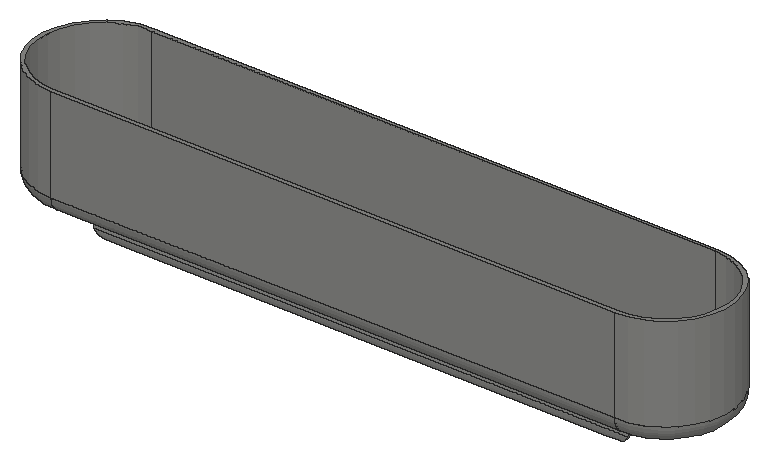
Revit family "Accessory-Storage_Tray-KOHLER-K-33464T", category Specialty Equipment, host Face, Revit 2021
Family settings
  Host = Face
  Round Connector Dimension = Use Diameter
  Part Type = Normal
  OmniClass Number = 23.31.25.00
  OmniClass Title = Toilet and Bath Specialties
  Cut with Voids When Loaded = No
  Shared = No
  Room Calculation Point = No
Parameters (values of type "58-Thunder Grey")
  Width = 21 1/2"  # constant formula
  WaterSense Certified = 1 = 0  # no
  URL = "http://www.kohler.com.cn/"
  Type = 1
  Product Page URL = ""
  Product Name = "Deep"  # constant formula
  Product Documentation Link = ""
  Model = "K-33464T-58"  # constant formula
  Material = "Plastic"  # constant formula
  Master Format 2014 Name = "Toilet, Bath, and Laundry Accessories"  # constant formula
  Master Format 2014 = "10 28 00"  # constant formula
  Manufacturer Address = "Kohler Beijing Office (100016) 36-2-03-B, No. 88, Liuxiang Road, Beijing"  # constant formula
  Manufacturer = "Kohler Co."  # constant formula
  Length = 4"  # constant formula
  Height = 4.30315"  # constant formula
  Finish = Kohler-Plastic-58-Thunder_Grey
  Environmental Product Declaration = ""
  Description = "Storage Tray"  # constant formula
  Default Elevation = 42"
  Declare Label = ""
  Date Modified = "02/28/2024"  # constant formula
  Date Created = "02/28/2024"  # constant formula
  Copyright = "Copyright Kohler Co."  # constant formula
  Contact Us = "http://www.kohler.com.cn/contact/contact-us/"
  Assembly Code = "C1030200"
  ADA Compliant = 1 = 0  # no
Reference planes (in)
  plane 1 "Center (Front/Back)": y = 0
  plane 2: z = 0
  plane 3 "Center (Left/Right)": x = 0
  plane 4: y = 2
  plane 5: y = -2
  plane 6: x = -10.75
  plane 7: x = 10.75
  plane 8: x = -8.31299
  plane 9: x = 8.31299
  plane 10: z = 0.92126
  plane 11: z = 4.30315
  plane 12: y = 1.20079
  plane 13: y = -1.20079
  plane 14: x = -8.77041
  plane 15: x = -8.57356
Dimensions and locks (in)
  plane 12 to plane 13 = 2.40157"
  plane 14 to plane 15 = 0.19685"
  plane 4 to plane 5 = 4"
  "Width": plane 6 to plane 7
  plane 10 to plane 11 = 3.38189"
  plane 8 to plane 9 = 16.62598"
  plane 11 to plane 2 = 4.30315"
  "Height": level to plane 11
  "Length": plane 4 to plane 5
  aligned and locked: plane 2 to host face
  aligned and locked: level to host face
  aligned and locked: plane 1 "Center (Front/Back)" to nested 1
  aligned and locked: plane 3 "Center (Left/Right)" to nested 1
Automatic sketch dimensions
  host sketch curve to host sketch curve = 96"  (x2)
Nested families (in)
  nested 1: "K-33464T" at (0, 0, 0), type "K-33464T"
Definition of nested family "K-33464T"
  Parameters
    Material = none
    Default Elevation = 0"
  Reference planes (in)
    plane 1 "Center (Front/Back)": y = 0
    plane 2: z = 0
    plane 3 "Center (Left/Right)": x = 0
    plane 4: y = 2
    plane 5: y = -2
    plane 6: z = 4.30315
    plane 7: x = 8.31299
    plane 8: x = -8.31299
    plane 9: z = 0.92126
    plane 10: x = 10.75
    plane 11: x = -10.75
    plane 12: y = -1.20079
    plane 13: y = 1.20079
    plane 14: x = -8.77041
    plane 15: x = -8.57356
  Forms (in)
    Sweep 1, solid, material <- "Material"
      path origin (0, 0, 0) x (1, 0, 0) y (0, 1, 0)
        loop
          arc (-8.74087, 1.99861) -> (-10.74194, -0.00247) -> (-8.74087, -2.00354) r 2.00107
          line (-8.74087, -2.00354) -> (8.74093, -2.00354)
          arc (8.74093, -2.00354) -> (10.742, -0.00247) -> (8.74093, 1.99861) r 2.00107
          line (8.74093, 1.99861) -> (-8.74087, 1.99861)
      profile origin (0.00003, -2.00354, 0) x (0, -1, 0) y (0, 0, 1)
        loop
          line (-0.11811, 4.30365) -> (-0.11811, 1.38211)
          arc (-0.11811, 1.38211) -> (-0.25271, 1.05716) -> (-0.57766, 0.92256) r 0.45955
          line (-0.57766, 0.92256) -> (-0.73985, 0.92256) -> (-0.73985, 0.80445) -> (-0.56353, 0.80445)
          arc (-0.56353, 0.80445) -> (-0.16505, 0.9695) -> (0, 1.36798) r 0.56353
          line (0, 1.36798) -> (0, 4.30365) -> (-0.11811, 4.30365)
    Extrusion 2, solid, material <- "Material"
      sketch origin (0, 0, 0) x (1, 0, 0) y (0, 1, 0)
        loop
          line (8.74093, 1.25876) -> (-8.74087, 1.25876)
          arc (-8.74087, 1.25876) -> (-10.00209, -0.00247) -> (-8.74087, -1.26369) r 1.26122
          line (-8.74087, -1.26369) -> (8.74093, -1.26369)
          arc (8.74093, -1.26369) -> (10.00215, -0.00247) -> (8.74093, 1.25876) r 1.26122
      from 0.80445 to 0.92256
    Extrusion 3, solid, material <- "Material", detail levels medium+fine
      sketch origin (0, 0, 0) x (0, 1, 0) y (0, 0, 1)
        loop
          arc (0.42635, 0.77541) -> (0.42855, 0.79402) -> (0.44413, 0.80445) r 0.0224
          line (0.44413, 0.80445) -> (0.30745, 0.80445)
          arc (0.30745, 0.80445) -> (0.32245, 0.79836) -> (0.33102, 0.78462) r 0.02624
          line (0.33102, 0.78462) -> (0.34464, 0.72999)
          arc (0.34464, 0.72999) -> (0.40025, 0.62343) -> (0.49831, 0.55392) r 0.25639
          arc (0.49831, 0.55392) -> (0.61858, 0.49064) -> (0.72312, 0.40382) r 0.65229
          arc (0.72312, 0.40382) -> (0.81475, 0.22692) -> (0.79229, 0.02898) r 0.34211
          line (0.79229, 0.02898) -> (0.87838, -0.00126)
          arc (0.87838, -0.00126) -> (0.90329, 0.10006) -> (0.9014, 0.20437) r 0.40351
          arc (0.9014, 0.20437) -> (0.84277, 0.38476) -> (0.72841, 0.53607) r 0.57235
          arc (0.72841, 0.53607) -> (0.66104, 0.58583) -> (0.58372, 0.61802) r 0.34718
          arc (0.58372, 0.61802) -> (0.54639, 0.63116) -> (0.51108, 0.64904) r 0.30437
          arc (0.51108, 0.64904) -> (0.46598, 0.68815) -> (0.43763, 0.74069) r 0.16606
          line (0.43763, 0.74069) -> (0.42635, 0.77541)
        loop
          line (-0.42635, 0.77541) -> (-0.43763, 0.74069)
          arc (-0.43763, 0.74069) -> (-0.46598, 0.68815) -> (-0.51108, 0.64904) r 0.16606
          arc (-0.51108, 0.64904) -> (-0.54639, 0.63116) -> (-0.58372, 0.61802) r 0.30437
          arc (-0.58372, 0.61802) -> (-0.66104, 0.58583) -> (-0.72841, 0.53607) r 0.34718
          arc (-0.72841, 0.53607) -> (-0.84277, 0.38476) -> (-0.9014, 0.20437) r 0.57235
          arc (-0.9014, 0.20437) -> (-0.90329, 0.10006) -> (-0.87838, -0.00126) r 0.40351
          line (-0.87838, -0.00126) -> (-0.79229, 0.02898)
          arc (-0.79229, 0.02898) -> (-0.81475, 0.22692) -> (-0.72312, 0.40382) r 0.34211
          arc (-0.72312, 0.40382) -> (-0.61858, 0.49064) -> (-0.49831, 0.55392) r 0.65229
          arc (-0.49831, 0.55392) -> (-0.40025, 0.62343) -> (-0.34464, 0.72999) r 0.25639
          line (-0.34464, 0.72999) -> (-0.33102, 0.78462)
          arc (-0.33102, 0.78462) -> (-0.32245, 0.79836) -> (-0.30745, 0.80445) r 0.02624
          line (-0.30745, 0.80445) -> (-0.44413, 0.80445)
          arc (-0.44413, 0.80445) -> (-0.42855, 0.79402) -> (-0.42635, 0.77541) r 0.0224
      from -8.31487 to 8.31138
    Extrusion 4, void
      sketch origin (0, 0, 0) x (1, 0, 0) y (0, 0, 1)
        loop
          line (-8.31487, 0.55392) -> (-8.51172, 0.55392) -> (-8.51172, -0.16651) -> (-7.59044, -0.16651) -> (-7.59044, -0.00126) -> (-7.96721, -0.00126)
          arc (-7.96721, -0.00126) -> (-8.21304, 0.10057) -> (-8.31487, 0.34641) r 0.34766
          line (-8.31487, 0.34641) -> (-8.31487, 0.55392)
      from -1.25876 to 1.08071
    Extrusion 5, void
      sketch origin (0, 0, 0) x (1, 0, 0) y (0, 0, 1)
        loop
          arc (8.31138, 0.34022) -> (8.21136, 0.09876) -> (7.96991, -0.00126) r 0.34147
          line (7.96991, -0.00126) -> (7.61626, -0.00126) -> (7.61626, -0.18311) -> (8.50823, -0.18311) -> (8.50823, 0.55392) -> (8.31138, 0.55392) -> (8.31138, 0.34022)
      from -1.45193 to 1.10787
    Extrusion 6, solid, material <- "Material", detail levels medium+fine
      sketch origin (0, 0, 0) x (0, 1, 0) y (0, 0, 1)
        loop
          line (0.34464, 0.72999) -> (0.33102, 0.78462)
          arc (0.33102, 0.78462) -> (0.32245, 0.79836) -> (0.30745, 0.80445) r 0.02624
          line (0.30745, 0.80445) -> (-0.30745, 0.80445)
          arc (-0.30745, 0.80445) -> (-0.32245, 0.79836) -> (-0.33102, 0.78462) r 0.02624
          line (-0.33102, 0.78462) -> (-0.34464, 0.72999)
          arc (-0.34464, 0.72999) -> (-0.40025, 0.62343) -> (-0.49831, 0.55392) r 0.25639
          line (-0.49831, 0.55392) -> (0.49831, 0.55392)
          arc (0.49831, 0.55392) -> (0.40025, 0.62343) -> (0.34464, 0.72999) r 0.25639
      from 7.04491 to 7.12564
    Extrusion 7, solid, material <- "Material", detail levels medium+fine
      sketch origin (0, 0, 0) x (0, 1, 0) y (0, 0, -1)
        loop
          arc (0.34464, -0.72999) -> (0.40025, -0.62343) -> (0.49831, -0.55392) r 0.25639
          line (0.49831, -0.55392) -> (-0.49831, -0.55392)
          arc (-0.49831, -0.55392) -> (-0.40025, -0.62343) -> (-0.34464, -0.72999) r 0.25639
          line (-0.34464, -0.72999) -> (-0.33102, -0.78462)
          arc (-0.33102, -0.78462) -> (-0.32245, -0.79836) -> (-0.30745, -0.80445) r 0.02624
          line (-0.30745, -0.80445) -> (0.30745, -0.80445)
          arc (0.30745, -0.80445) -> (0.32245, -0.79836) -> (0.33102, -0.78462) r 0.02624
          line (0.33102, -0.78462) -> (0.34464, -0.72999)
      from 7.04491 to 7.12564
    Extrusion 8, solid, material <- "Material", detail levels medium+fine
      sketch origin (0, 0, 0) x (0, 1, 0) y (0, 0, 1)
        loop
          line (0.34464, 0.72999) -> (0.33102, 0.78462)
          arc (0.33102, 0.78462) -> (0.32245, 0.79836) -> (0.30745, 0.80445) r 0.02624
          line (0.30745, 0.80445) -> (-0.30745, 0.80445)
          arc (-0.30745, 0.80445) -> (-0.32245, 0.79836) -> (-0.33102, 0.78462) r 0.02624
          line (-0.33102, 0.78462) -> (-0.34464, 0.72999)
          arc (-0.34464, 0.72999) -> (-0.40025, 0.62343) -> (-0.49831, 0.55392) r 0.25639
          line (-0.49831, 0.55392) -> (0.49831, 0.55392)
          arc (0.49831, 0.55392) -> (0.40025, 0.62343) -> (0.34464, 0.72999) r 0.25639
      from 4.68455 to 4.76356
    Extrusion 9, solid, material <- "Material", detail levels medium+fine
      sketch origin (0, 0, 0) x (0, 1, 0) y (0, 0, -1)
        loop
          arc (0.34464, -0.72999) -> (0.40025, -0.62343) -> (0.49831, -0.55392) r 0.25639
          line (0.49831, -0.55392) -> (-0.49831, -0.55392)
          arc (-0.49831, -0.55392) -> (-0.40025, -0.62343) -> (-0.34464, -0.72999) r 0.25639
          line (-0.34464, -0.72999) -> (-0.33102, -0.78462)
          arc (-0.33102, -0.78462) -> (-0.32245, -0.79836) -> (-0.30745, -0.80445) r 0.02624
          line (-0.30745, -0.80445) -> (0.30745, -0.80445)
          arc (0.30745, -0.80445) -> (0.32245, -0.79836) -> (0.33102, -0.78462) r 0.02624
          line (0.33102, -0.78462) -> (0.34464, -0.72999)
      from 4.68455 to 4.76356
    Extrusion 10, solid, material <- "Material", detail levels medium+fine
      sketch origin (0, 0, 0) x (0, 1, 0) y (0, 0, 1)
        loop
          line (0.34464, 0.72999) -> (0.33102, 0.78462)
          arc (0.33102, 0.78462) -> (0.32245, 0.79836) -> (0.30745, 0.80445) r 0.02624
          line (0.30745, 0.80445) -> (-0.30745, 0.80445)
          arc (-0.30745, 0.80445) -> (-0.32245, 0.79836) -> (-0.33102, 0.78462) r 0.02624
          line (-0.33102, 0.78462) -> (-0.34464, 0.72999)
          arc (-0.34464, 0.72999) -> (-0.40025, 0.62343) -> (-0.49831, 0.55392) r 0.25639
          line (-0.49831, 0.55392) -> (0.49831, 0.55392)
          arc (0.49831, 0.55392) -> (0.40025, 0.62343) -> (0.34464, 0.72999) r 0.25639
      from 2.32245 to 2.39909
    Extrusion 11, solid, material <- "Material", detail levels medium+fine
      sketch origin (0, 0, 0) x (0, 1, 0) y (0, 0, -1)
        loop
          arc (0.34464, -0.72999) -> (0.40025, -0.62343) -> (0.49831, -0.55392) r 0.25639
          line (0.49831, -0.55392) -> (-0.49831, -0.55392)
          arc (-0.49831, -0.55392) -> (-0.40025, -0.62343) -> (-0.34464, -0.72999) r 0.25639
          line (-0.34464, -0.72999) -> (-0.33102, -0.78462)
          arc (-0.33102, -0.78462) -> (-0.32245, -0.79836) -> (-0.30745, -0.80445) r 0.02624
          line (-0.30745, -0.80445) -> (0.30745, -0.80445)
          arc (0.30745, -0.80445) -> (0.32245, -0.79836) -> (0.33102, -0.78462) r 0.02624
          line (0.33102, -0.78462) -> (0.34464, -0.72999)
      from 2.32245 to 2.39909
    Extrusion 12, solid, material <- "Material", detail levels medium+fine
      sketch origin (0, 0, 0) x (0, 1, 0) y (0, 0, 1)
        loop
          line (0.34464, 0.72999) -> (0.33102, 0.78462)
          arc (0.33102, 0.78462) -> (0.32245, 0.79836) -> (0.30745, 0.80445) r 0.02624
          line (0.30745, 0.80445) -> (-0.30745, 0.80445)
          arc (-0.30745, 0.80445) -> (-0.32245, 0.79836) -> (-0.33102, 0.78462) r 0.02624
          line (-0.33102, 0.78462) -> (-0.34464, 0.72999)
          arc (-0.34464, 0.72999) -> (-0.40025, 0.62343) -> (-0.49831, 0.55392) r 0.25639
          line (-0.49831, 0.55392) -> (0.49831, 0.55392)
          arc (0.49831, 0.55392) -> (0.40025, 0.62343) -> (0.34464, 0.72999) r 0.25639
      from -0.03981 to 0.04138
    Extrusion 13, void
      sketch origin (0, 0, 0) x (1, 0, 0) y (0, 1, 0)
        loop
          arc (8.5925, -1.10806) -> (8.67124, -1.1868) -> (8.74998, -1.10806) r 0.07874
          line (8.74998, -1.10806) -> (8.74998, 1.1009)
          arc (8.74998, 1.1009) -> (8.67124, 1.17964) -> (8.5925, 1.1009) r 0.07874
          line (8.5925, 1.1009) -> (8.5925, -1.10806)
        loop
          line (-8.5925, -1.10806) -> (-8.5925, 1.1009)
          arc (-8.5925, 1.1009) -> (-8.67124, 1.17964) -> (-8.74998, 1.1009) r 0.07874
          line (-8.74998, 1.1009) -> (-8.74998, -1.10806)
          arc (-8.74998, -1.10806) -> (-8.67124, -1.1868) -> (-8.5925, -1.10806) r 0.07874
      from 0.34572 to 3.53475
    Extrusion 14, solid, material <- "Material", detail levels coarse
      sketch origin (0, 0, 0) x (0, 1, 0) y (0, 0, 1)
        loop
          arc (0.42635, 0.77541) -> (0.42855, 0.79402) -> (0.44413, 0.80445) r 0.0224
          line (0.44413, 0.80445) -> (0.30745, 0.80445)
          arc (0.30745, 0.80445) -> (0.32245, 0.79836) -> (0.33102, 0.78462) r 0.02624
          line (0.33102, 0.78462) -> (0.34464, 0.72999)
          arc (0.34464, 0.72999) -> (0.40025, 0.62343) -> (0.49831, 0.55392) r 0.25639
          arc (0.49831, 0.55392) -> (0.61858, 0.49064) -> (0.72312, 0.40382) r 0.65229
          arc (0.72312, 0.40382) -> (0.81475, 0.22692) -> (0.79229, 0.02898) r 0.34211
          line (0.79229, 0.02898) -> (0.87838, -0.00126)
          arc (0.87838, -0.00126) -> (0.90329, 0.10006) -> (0.9014, 0.20437) r 0.40351
          arc (0.9014, 0.20437) -> (0.84277, 0.38476) -> (0.72841, 0.53607) r 0.57235
          arc (0.72841, 0.53607) -> (0.66104, 0.58583) -> (0.58372, 0.61802) r 0.34718
          arc (0.58372, 0.61802) -> (0.54639, 0.63116) -> (0.51108, 0.64904) r 0.30437
          arc (0.51108, 0.64904) -> (0.46598, 0.68815) -> (0.43763, 0.74069) r 0.16606
          line (0.43763, 0.74069) -> (0.42635, 0.77541)
        loop
          line (-0.42635, 0.77541) -> (-0.43763, 0.74069)
          arc (-0.43763, 0.74069) -> (-0.46598, 0.68815) -> (-0.51108, 0.64904) r 0.16606
          arc (-0.51108, 0.64904) -> (-0.54639, 0.63116) -> (-0.58372, 0.61802) r 0.30437
          arc (-0.58372, 0.61802) -> (-0.66104, 0.58583) -> (-0.72841, 0.53607) r 0.34718
          arc (-0.72841, 0.53607) -> (-0.84277, 0.38476) -> (-0.9014, 0.20437) r 0.57235
          arc (-0.9014, 0.20437) -> (-0.90329, 0.10006) -> (-0.87838, -0.00126) r 0.40351
          line (-0.87838, -0.00126) -> (-0.79229, 0.02898)
          arc (-0.79229, 0.02898) -> (-0.81475, 0.22692) -> (-0.72312, 0.40382) r 0.34211
          arc (-0.72312, 0.40382) -> (-0.61858, 0.49064) -> (-0.49831, 0.55392) r 0.65229
          arc (-0.49831, 0.55392) -> (-0.40025, 0.62343) -> (-0.34464, 0.72999) r 0.25639
          line (-0.34464, 0.72999) -> (-0.33102, 0.78462)
          arc (-0.33102, 0.78462) -> (-0.32245, 0.79836) -> (-0.30745, 0.80445) r 0.02624
          line (-0.30745, 0.80445) -> (-0.44413, 0.80445)
          arc (-0.44413, 0.80445) -> (-0.42855, 0.79402) -> (-0.42635, 0.77541) r 0.0224
      from -8.31487 to 8.31138
  Cuts and joins
    Extrusion 4, Extrusion 5 cuts Extrusion 3
    Extrusion 13 cuts Extrusion 2
    joined: Sweep 1, Extrusion 2
  Lines and regions (in)
    Masking region 1
      outline origin (0, 0, 0) x (0, 1, 0) y (0, 0, 1)
        loop
          line (2, 4.30315) -> (0, 4.30315) -> (-2, 4.30315) -> (-2, 1.54724)
          arc (-2, 1.54724) -> (-1.99026, 1.44628) -> (-1.98157, 1.34523) r 9.7487
          arc (-1.98157, 1.34523) -> (-1.96265, 1.22278) -> (-1.92618, 1.10436) r 0.85263
          arc (-1.92618, 1.10436) -> (-1.86572, 1.00091) -> (-1.7762, 0.92126) r 0.38219
          arc (-1.7762, 0.92126) -> (-1.59871, 0.83901) -> (-1.40568, 0.80737) r 0.72282
          arc (-1.40568, 0.80737) -> (-1.28649, 0.80498) -> (-1.16728, 0.80418) r 8.91113
          line (-1.16728, 0.80418) -> (-0.44434, 0.80418)
          arc (-0.44434, 0.80418) -> (-0.42807, 0.79585) -> (-0.4253, 0.77778) r 0.02007
          line (-0.4253, 0.77778) -> (-0.43984, 0.73411)
          arc (-0.43984, 0.73411) -> (-0.46081, 0.69359) -> (-0.49324, 0.66148) r 0.14652
          arc (-0.49324, 0.66148) -> (-0.53129, 0.63852) -> (-0.57255, 0.62202) r 0.2739
          arc (-0.57255, 0.62202) -> (-0.85958, 0.37696) -> (-0.87811, 0) r 0.47617
          line (-0.87811, 0) -> (-0.79469, 0.02872)
          arc (-0.79469, 0.02872) -> (-0.78094, 0.33702) -> (-0.54655, 0.53775) r 0.38798
          arc (-0.54655, 0.53775) -> (-0.52249, 0.54612) -> (-0.49907, 0.55615) r 0.36209
          line (-0.49907, 0.55615) -> (0, 0.55615) -> (0.49907, 0.55615)
          arc (0.49907, 0.55615) -> (0.52249, 0.54612) -> (0.54655, 0.53775) r 0.36209
          arc (0.54655, 0.53775) -> (0.78094, 0.33702) -> (0.79469, 0.02872) r 0.38798
          line (0.79469, 0.02872) -> (0.87811, 0)
          arc (0.87811, 0) -> (0.85958, 0.37696) -> (0.57255, 0.62202) r 0.47617
          arc (0.57255, 0.62202) -> (0.53129, 0.63852) -> (0.49324, 0.66148) r 0.2739
          arc (0.49324, 0.66148) -> (0.46081, 0.69359) -> (0.43984, 0.73411) r 0.14652
          line (0.43984, 0.73411) -> (0.4253, 0.77778)
          arc (0.4253, 0.77778) -> (0.42807, 0.79585) -> (0.44434, 0.80418) r 0.02007
          line (0.44434, 0.80418) -> (1.16728, 0.80418)
          arc (1.16728, 0.80418) -> (1.28649, 0.80498) -> (1.40568, 0.80737) r 8.91113
          arc (1.40568, 0.80737) -> (1.59871, 0.83901) -> (1.7762, 0.92126) r 0.72282
          arc (1.7762, 0.92126) -> (1.86572, 1.00091) -> (1.92618, 1.10436) r 0.38219
          arc (1.92618, 1.10436) -> (1.96265, 1.22278) -> (1.98157, 1.34523) r 0.85263
          arc (1.98157, 1.34523) -> (1.99026, 1.44628) -> (2, 1.54724) r 9.7487
          line (2, 1.54724) -> (2, 4.30315)
    Masking region 2
      outline origin (0, 0, 0) x (1, 0, 0) y (0, 0, 1)
        loop
          line (-10.75, 4.30315) -> (-10.75, 1.39432)
          arc (-10.75, 1.39432) -> (-10.57703, 0.97674) -> (-10.15945, 0.80377) r 0.59055
          line (-10.15945, 0.80377) -> (-8.31299, 0.80377) -> (-8.31299, 0.33465)
          arc (-8.31299, 0.33465) -> (-8.21498, 0.09802) -> (-7.97835, 0) r 0.33465
          line (-7.97835, 0) -> (0, 0) -> (7.97835, 0)
          arc (7.97835, 0) -> (8.21498, 0.09802) -> (8.31299, 0.33465) r 0.33465
          line (8.31299, 0.33465) -> (8.31299, 0.80377) -> (10.15945, 0.80377)
          arc (10.15945, 0.80377) -> (10.57703, 0.97674) -> (10.75, 1.39432) r 0.59055
          line (10.75, 1.39432) -> (10.75, 4.30315) -> (-10.75, 4.30315)
    Masking region 3
      outline origin (0, 0, 0) x (1, 0, 0) y (0, 1, 0)
        loop
          line (8.76259, 2) -> (-8.75503, 2)
          arc (-8.75503, 2) -> (-9.72141, 1.75103) -> (-10.44719, 1.06611) r 2
          arc (-10.44719, 1.06611) -> (-10.6752, 0.55482) -> (-10.75, 0) r 1.96778
          arc (-10.75, 0) -> (-10.67434, -0.55779) -> (-10.44388, -1.07135) r 1.96811
          arc (-10.44388, -1.07135) -> (-9.7187, -1.75253) -> (-8.75503, -2) r 2
          line (-8.75503, -2) -> (8.76259, -2)
          arc (8.76259, -2) -> (9.67274, -1.7809) -> (10.38349, -1.17162) r 2
          arc (10.38349, -1.17162) -> (10.66209, -0.61564) -> (10.75, 0) r 1.93553
          arc (10.75, 0) -> (10.66875, 0.59471) -> (10.40882, 1.13574) r 1.93107
          arc (10.40882, 1.13574) -> (9.69224, 1.7708) -> (8.76259, 2) r 2
        loop
          arc (-8.77041, -1.10239) -> (-8.74233, -1.17123) -> (-8.67411, -1.20079) r 0.09843
          arc (-8.67411, -1.20079) -> (-8.60315, -1.17273) -> (-8.57356, -1.10239) r 0.09843
          line (-8.57356, -1.10239) -> (-8.57356, 1.10236)
          arc (-8.57356, 1.10236) -> (-8.60222, 1.17179) -> (-8.6715, 1.20079) r 0.09843
          arc (-8.6715, 1.20079) -> (-8.74141, 1.17213) -> (-8.77041, 1.10236) r 0.09843
          line (-8.77041, 1.10236) -> (-8.77041, -1.10239)
        loop
          line (8.77041, -1.10237) -> (8.77041, 1.10237)
          arc (8.77041, 1.10237) -> (8.74202, 1.17153) -> (8.67321, 1.20079) r 0.09843
          arc (8.67321, 1.20079) -> (8.60283, 1.1724) -> (8.57356, 1.10237) r 0.09843
          line (8.57356, 1.10237) -> (8.57356, -1.10237)
          arc (8.57356, -1.10237) -> (8.60266, -1.17223) -> (8.67275, -1.20079) r 0.09843
          arc (8.67275, -1.20079) -> (8.74186, -1.17169) -> (8.77041, -1.10237) r 0.09843
    symbolic lines, detail levels medium+fine
      curve 1: arc (0, 0.44171, 0.58991) -> (0, 0.46961, 0.57171) -> (0, 0.49907, 0.55615) r 0.36209
      curve 2: arc (0, 0.35616, 0.70626) -> (0, 0.38976, 0.64134) -> (0, 0.44171, 0.58991) r 0.23471
      curve 3: line (0, 0.34163, 0.74993) -> (0, 0.35616, 0.70626)
      curve 4: line (0, 0.34163, 0.74993) -> (0, 0.33202, 0.78579)
      curve 5: arc (0, 0.33202, 0.78579) -> (0, 0.32352, 0.79877) -> (0, 0.30898, 0.80418) r 0.02484
      curve 6: line (0, 0.30898, 0.80418) -> (0, 0, 0.80418)
      curve 7: arc (0, -0.44171, 0.58991) -> (0, -0.46961, 0.57171) -> (0, -0.49907, 0.55615) r 0.36209
      curve 8: arc (0, -0.35616, 0.70626) -> (0, -0.38976, 0.64134) -> (0, -0.44171, 0.58991) r 0.23471
      curve 9: line (0, -0.34163, 0.74993) -> (0, -0.35616, 0.70626)
      curve 10: line (0, -0.34163, 0.74993) -> (0, -0.33202, 0.78579)
      curve 11: arc (0, -0.33202, 0.78579) -> (0, -0.32352, 0.79877) -> (0, -0.30898, 0.80418) r 0.02484
      curve 12: line (0, -0.30898, 0.80418) -> (0, 0, 0.80418)
      curve 13: line (0, 0.44434, 0.80418) -> (0, 0.30898, 0.80418)
      curve 14: line (0, -0.30898, 0.80418) -> (0, -0.44434, 0.80418)
      curve 15: line (0, 2, 1.54724) -> (0, -2, 1.54724)
      curve 16: line (-10.75, 0, 1.56657) -> (10.75, 0, 1.56657)
      curve 17: line (-8.31299, 0, 0.80377) -> (8.31299, 0, 0.80377)
      curve 18: line (-8.31299, 0, 0.33465) -> (8.31299, 0, 0.33465)
      curve 19: line (-8.31299, 0, 0.60692) -> (8.31299, 0, 0.60692)
      curve 20: line (8.74975, 0, 4.30315) -> (8.74975, 0, 0.80377)
      curve 21: line (-8.74975, 0, 4.30315) -> (-8.74975, 0, 0.80377)
      curve 22: arc (-8.75503, 1.88189, 0) -> (-9.66434, 1.64763, 0) -> (-10.34726, 1.00316, 0) r 1.88189
      curve 23: arc (-10.34726, 1.00316, 0) -> (-10.56173, 0.52205, 0) -> (-10.63189, 0, 0) r 1.84967
      curve 24: arc (-10.63189, 0, 0) -> (-10.56092, -0.52485, 0) -> (-10.34415, -1.00808, 0) r 1.85
      curve 25: arc (-10.34415, -1.00808, 0) -> (-9.66179, -1.64903, 0) -> (-8.75503, -1.88189, 0) r 1.88189
      curve 26: line (8.76259, -1.88189, 0) -> (-8.75503, -1.88189, 0)
      curve 27: arc (8.76259, -1.88189, 0) -> (9.61899, -1.67573, 0) -> (10.28777, -1.10243, 0) r 1.88189
      curve 28: arc (10.28777, -1.10243, 0) -> (10.54972, -0.57925, 0) -> (10.63186, 0.00004, 0) r 1.81742
      curve 29: arc (10.63186, 0.00004, 0) -> (10.55597, 0.5596, 0) -> (10.3116, 1.06867, 0) r 1.81296
      curve 30: arc (10.3116, 1.06867, 0) -> (9.63734, 1.66623, 0) -> (8.76259, 1.88189, 0) r 1.88189
      curve 31: line (8.76259, 1.88189, 0) -> (-8.75503, 1.88189, 0)
      curve 32: line (8.76259, 1.25197, 0) -> (-8.75503, 1.25197, 0)
      curve 33: arc (-8.75503, 1.25197, 0) -> (-9.35997, 1.09612, 0) -> (-9.8143, 0.66737, 0) r 1.25197
      curve 34: arc (-9.8143, 0.66737, 0) -> (-9.95652, 0.3473, 0) -> (-10.00192, 0.00002, 0) r 1.21975
      curve 35: arc (-10.00192, 0.00002, 0) -> (-9.95598, -0.34915, 0) -> (-9.81223, -0.67065, 0) r 1.22008
      curve 36: arc (-9.81223, -0.67065, 0) -> (-9.35827, -1.09705, 0) -> (-8.75503, -1.25197, 0) r 1.25197
      curve 37: line (8.76259, -1.25197, 0) -> (-8.75503, -1.25197, 0)
      curve 38: arc (8.76259, -1.25197, 0) -> (9.33233, -1.11482, 0) -> (9.77725, -0.73341, 0) r 1.25197
      curve 39: arc (9.77725, -0.73341, 0) -> (9.95038, -0.38519, 0) -> (10.00173, 0.00029, 0) r 1.18749
      curve 40: arc (10.00173, 0.00029, 0) -> (9.95447, 0.37237, 0) -> (9.79311, 0.71096, 0) r 1.18304
      curve 41: arc (9.79311, 0.71096, 0) -> (9.34454, 1.10849, 0) -> (8.76259, 1.25197, 0) r 1.25197
      curve 42: line (-8.75503, 1.88189, 0) -> (-8.75503, 1.25197, 0)
      curve 43: line (-8.75503, -1.25197, 0) -> (-8.75503, -1.88189, 0)
      curve 44: line (8.76259, 1.25197, 0) -> (8.76259, 1.88189, 0)
      curve 45: line (8.76259, -1.25197, 0) -> (8.76259, -1.88189, 0)
  Dimensions and locks (in)
    aligned and locked: plane 2 to level
    aligned and locked: Masking region 1 sketch curve to plane 6
    aligned and locked: plane 6 to Masking region 1 sketch curve
    aligned and locked: plane 2 to Masking region 1 sketch curve  (x2)
    aligned and locked: Masking region 1 sketch curve to plane 5
    aligned and locked: Masking region 1 sketch curve to plane 4
    aligned and locked: Masking region 2 sketch curve to plane 6
    aligned and locked: Masking region 2 sketch curve to plane 11
    aligned and locked: Masking region 2 sketch curve to plane 10
    aligned and locked: Masking region 2 sketch curve to plane 2
    aligned and locked: plane 10 to Masking region 3 sketch curve
    aligned and locked: plane 11 to Masking region 3 sketch curve
    aligned and locked: Masking region 3 sketch curve to plane 4
    aligned and locked: Masking region 3 sketch curve to plane 5
    aligned and locked: Sweep 1 to Extrusion 2  (x2)
    aligned and locked: plane 13 to Masking region 3 sketch curve  (x2)
    aligned and locked: plane 12 to Masking region 3 sketch curve  (x2)
